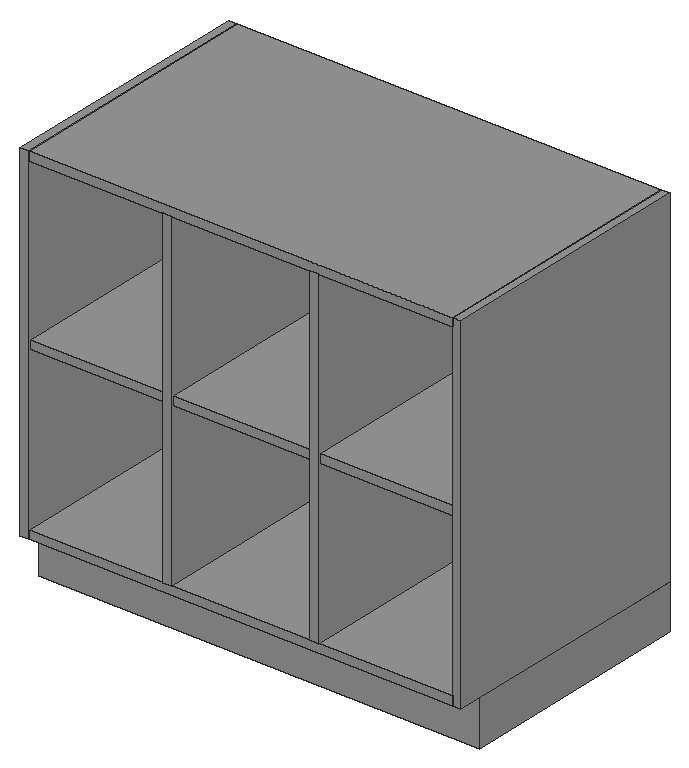
Revit family "TMI - B1170 - Base_Open Compartments1", category Casework, Revit 2016
Family settings
  OmniClass Number = 23.40.35.14.11
  OmniClass Title = Modular Casework
  Work Plane-Based = No
  Always vertical = Yes
  Cut with Voids When Loaded = No
  Shared = No
  Room Calculation Point = No
Parameters (values of type "39" x 36" x 23"")
  URL = "www.tmisystems.com"
  Two Verticals [instance] = Amount of Verticals = 2  # yes
  Two Shelves [instance] = Shelf Quantity = 2  # no
  Toe Kick Height = 4"
  Toe Kick Depth = 2"
  Three Verticals [instance] = Amount of Verticals = 3  # no
  Three Shelves [instance] = Shelf Quantity = 3  # no
  Shelf Thickness = 3/4"
  Shelf Quantity [instance] = 1
  One Vertical [instance] = Amount of Verticals = 1  # no
  One Shelf [instance] = Shelf Quantity = 1  # yes
  Model = "B1170"
  Manufacturer = "TMI Systems Corporation"
  Interior Finish = none
  Filler Width (Left) [instance] = 3"
  Filler Right [instance] = no
  Filler Left [instance] = no
  Filler Width (Right) [instance] = 3"
  Description = "Base, Open Compartments"
  Depth = 23"
  Height = Countertop Height - Countertop Thickness  # 34 3/4"
  Width = 39"
  Countertop Thickness = 1 1/4"
  Countertop Height = 36"
  Casework Thickness = 3/4"
  Casework Back Thickness = 1/4"
  Cabinet Finish = Plastic Laminate
  Assembly Code = ""
  Amount of Verticals [instance] = 2
Types (7): name | Width
  30" x 36" x 23" | 30"
  33" x 36" x 23" | 33"
  36" x 36" x 23" | 36"
  39" x 36" x 23" | 39"
  42" x 36" x 23" | 42"
  45" x 36" x 23" | 45"
  48" x 36" x 23" | 48"
Reference planes (in)
  plane 1 "Back": y = -1
  plane 2: z = 0
  plane 3 "Center (Left/Right)": x = 0.7377
  plane 4 "Left": x = -18.7623
  plane 5 "Right": x = 20.2377
  plane 6 "Front": y = -24
  plane 7 "Top": z = 34.75
  plane 8: y = -2
  plane 9: x = -18.0123
  plane 10: x = 19.4877
  plane 11: z = 34
  plane 12: x = -21.7623
  plane 13: x = 23.2377
  plane 14: y = -1.75
  plane 15: y = -22
  plane 16: z = 4
  plane 17: z = 4.75
  plane 18: z = 8.75
  plane 19: z = 30
  plane 20: x = -9.0123
  plane 21: x = 10.4877
  plane 22: x = -9.3873
  plane 23: x = 10.1127
  plane 24: x = -8.6373
  plane 25: x = 10.8627
  plane 26: x = 0.3627
  plane 27: x = 1.1127
  plane 28: z = 19
  plane 29: z = 27.25
  plane 30: z = 11.5
  plane 31: z = 12.25
  plane 32: z = 19.75
  plane 33: z = 26.5
  plane 34: z = 24.75
  plane 35: z = 14.75
  plane 36: z = 14
  plane 37: z = 24
  plane 38: x = -5.3873
  plane 39: x = -6.1373
  plane 40: x = 6.8627
  plane 41: x = 7.6127
  plane 42: x = -5.7623
  plane 43: x = 7.2377
  plane 44: y = -23.875
  plane 45: y = -21.25
  plane 46: y = -23.25
Forms (in)
  Extrusion 1, solid, material "Plastic Laminate" <- "Cabinet Finish"
    sketch origin (0, 0.21844, 0) x (1, 0, 0) y (0, 1, 0)
      loop
        line (-18.7623, -1.21844) -> (-18.7623, -24.21844) -> (-18.0123, -24.21844) -> (-18.0123, -1.21844) -> (-18.7623, -1.21844)
      loop
        line (19.4877, -1.21844) -> (19.4877, -24.21844) -> (20.2377, -24.21844) -> (20.2377, -1.21844) -> (19.4877, -1.21844)
    from 4 to 34.75
  Extrusion 2, solid, material "Plastic Laminate" <- "Cabinet Finish"
    sketch origin (0.05747, 11.94613, 0) x (1, 0, 0) y (0, 0, 1)
      loop
        line (-18.06976, 4.75) -> (-18.06976, 4) -> (19.43024, 4) -> (19.43024, 4.75) -> (-18.06976, 4.75)
      loop
        line (-18.06976, 34.75) -> (-18.06976, 34) -> (19.43024, 34) -> (19.43024, 34.75) -> (-18.06976, 34.75)
    from 12.94613 to 35.94613
  Extrusion 3, solid, material "Plastic Laminate" <- "Cabinet Finish"
    sketch origin (0, 0, 0) x (1, 0, 0) y (0, 1, 0)
      loop
        line (-18.0123, -1.75) -> (-18.0123, -2) -> (19.4877, -2) -> (19.4877, -1.75) -> (-18.0123, -1.75)
    from 34.379 to 4.37931
  Extrusion 4, solid, material "Plastic Laminate" <- "Cabinet Finish", visible <- "Filler Right"
    sketch origin (0, -24, 0) x (1, 0, 0) y (0, 0, 1)
      loop
        line (20.2377, 34.75) -> (20.2377, 4) -> (23.2377, 4) -> (23.2377, 34.75) -> (20.2377, 34.75)
    from -0.75 to 0
  Extrusion 5, solid, material "Plastic Laminate" <- "Cabinet Finish", visible <- "Filler Left"
    sketch origin (0, -24, 0) x (1, 0, 0) y (0, 0, 1)
      loop
        line (-21.7623, 34.75) -> (-21.7623, 4) -> (-18.7623, 4) -> (-18.7623, 34.75) -> (-21.7623, 34.75)
    from -0.75 to 0
  Extrusion 6, solid, material "Wood"
    sketch origin (-18.7623, 0, 0) x (0, -1, 0) y (0, 0, 1)
      loop
        line (1, 34) -> (1, 30) -> (1.75, 30) -> (1.75, 34) -> (1, 34)
      loop
        line (1, 8.75) -> (1, 4.75) -> (1.75, 4.75) -> (1.75, 8.75) -> (1, 8.75)
    from -38.25 to -0.75
  Extrusion 7, solid, material "Wood"
    sketch origin (0, 0, 0) x (1, 0, 0) y (0, 0, 1)
      loop
        line (20.2377, 4) -> (-18.7623, 4) -> (-18.7623, 0) -> (20.2377, 0) -> (20.2377, 4)
    from 1 to 22
  Extrusion 8, solid, material "Wood", visible <- "Filler Right"
    sketch origin (0, 0, 0) x (1, 0, 0) y (0, 0, 1)
      loop
        line (23.2377, 4) -> (20.2377, 4) -> (20.2377, 0) -> (23.2377, 0) -> (23.2377, 4)
    from 21.25 to 22
  Extrusion 9, solid, material "Wood", visible <- "Filler Left"
    sketch origin (0, 0, 0) x (1, 0, 0) y (0, 0, 1)
      loop
        line (-18.7623, 4) -> (-21.7623, 4) -> (-21.7623, 0) -> (-18.7623, 0) -> (-18.7623, 4)
    from 21.25 to 22
  Extrusion 10, solid, material "Plastic Laminate" <- "Cabinet Finish", visible <- "Three Verticals"
    sketch origin (0, -24, 0) x (1, 0, 0) y (0, 0, 1)
      loop
        line (-9.3873, 34) -> (-9.3873, 4.75) -> (-8.6373, 4.75) -> (-8.6373, 34) -> (-9.3873, 34)
      loop
        line (0.3627, 4.75) -> (1.1127, 4.75) -> (1.1127, 34) -> (0.3627, 34) -> (0.3627, 4.75)
      loop
        line (10.1127, 34) -> (10.1127, 4.75) -> (10.8627, 4.75) -> (10.8627, 34) -> (10.1127, 34)
    from -22 to 0
  Extrusion 11, solid, material "Plastic Laminate" <- "Cabinet Finish", visible <- "Three Shelves"
    sketch origin (0, -24, 0) x (1, 0, 0) y (0, 0, 1)
      loop
        line (-18.0123, 27.25) -> (-18.0123, 26.5) -> (19.4877, 26.5) -> (19.4877, 27.25) -> (-18.0123, 27.25)
      loop
        line (-18.0123, 19.75) -> (-18.0123, 19) -> (19.4877, 19) -> (19.4877, 19.75) -> (-18.0123, 19.75)
      loop
        line (-18.0123, 12.25) -> (-18.0123, 11.5) -> (19.4877, 11.5) -> (19.4877, 12.25) -> (-18.0123, 12.25)
    from -22 to -0.125
  Extrusion 12, solid, material "Plastic Laminate" <- "Cabinet Finish", visible <- "Two Shelves"
    sketch origin (0, -24, 0) x (1, 0, 0) y (0, 0, 1)
      loop
        line (-18.0123, 24.75) -> (-18.0123, 24) -> (19.4877, 24) -> (19.4877, 24.75) -> (-18.0123, 24.75)
      loop
        line (-18.0123, 14.75) -> (-18.0123, 14) -> (19.4877, 14) -> (19.4877, 14.75) -> (-18.0123, 14.75)
    from -22 to -0.125
  Extrusion 13, solid, material "Plastic Laminate" <- "Cabinet Finish", visible <- "One Shelf"
    sketch origin (0, -24, 0) x (1, 0, 0) y (0, 0, 1)
      loop
        line (-18.0123, 19.75) -> (-18.0123, 19) -> (19.4877, 19) -> (19.4877, 19.75) -> (-18.0123, 19.75)
    from -22 to -0.125
  Extrusion 14, solid, material "Plastic Laminate" <- "Cabinet Finish", visible <- "One Vertical"
    sketch origin (0, -1, 0) x (1, 0, 0) y (0, 0, 1)
      loop
        line (0.3627, 34) -> (0.3627, 4.75) -> (1.1127, 4.75) -> (1.1127, 34) -> (0.3627, 34)
    from 1 to 23
  Extrusion 15, solid, material "Plastic Laminate" <- "Cabinet Finish", visible <- "Two Verticals"
    sketch origin (0, -24, 0) x (1, 0, 0) y (0, 0, 1)
      loop
        line (-6.1373, 4.75) -> (-5.3873, 4.75) -> (-5.3873, 34) -> (-6.1373, 34) -> (-6.1373, 4.75)
      loop
        line (6.8627, 34) -> (6.8627, 4.75) -> (7.6127, 4.75) -> (7.6127, 34) -> (6.8627, 34)
    from -22 to 0
Lines and regions (in)
  Masking region 1
    outline origin (0, 0, 0) x (1, 0, 0) y (0, 1, 0)
      loop
        line (-18.7623, -1) -> (-18.7623, -24) -> (20.2377, -24) -> (20.2377, -1) -> (-18.7623, -1)
  Masking region 2, visible <- "Filler Left"
    outline origin (0, 0, 0) x (1, 0, 0) y (0, 1, 0)
      loop
        line (-21.7623, -21.25) -> (-21.7623, -24) -> (-18.7623, -24) -> (-18.7623, -21.25) -> (-21.7623, -21.25)
  Masking region 3, visible <- "Filler Right"
    outline origin (0, 0, 0) x (1, 0, 0) y (0, 1, 0)
      loop
        line (20.2377, -21.25) -> (20.2377, -24) -> (23.2377, -24) -> (23.2377, -21.25) -> (20.2377, -21.25)
  symbolic lines, style "CaseworkHiddenLines"
    curve 1: line (0.8002, -24, 0) -> (0.6752, -24, 0)
    curve 13: line (0.6752, -24, 4) -> (0.8002, -24, 4)
  symbolic lines, style "CaseworkHiddenLines", visible <- "Three Shelves"
    curve 2: line (-18.7623, -2, 12.25) -> (-18.7623, -23.875, 12.25)
    curve 3: line (-18.7623, -23.875, 11.5) -> (-18.7623, -2, 11.5)
    curve 4: line (-18.7623, -2.49447, 19.75) -> (-18.7623, -23.875, 19.75)
    curve 5: line (-18.7623, -2, 27.25) -> (-18.7623, -23.875, 27.25)
    curve 6: line (-18.7623, -23.875, 26.5) -> (-18.7623, -2, 26.5)
    curve 24: line (-18.7623, -2, 27.25) -> (-18.7623, -23.875, 27.25)
    curve 25: line (-18.7623, -23.875, 27.25) -> (-18.7623, -23.875, 26.5)
    curve 26: line (-18.7623, -23.875, 26.5) -> (-18.7623, -2, 26.5)
    curve 33: line (-18.7623, -2, 12.25) -> (-18.7623, -23.875, 12.25)
    curve 34: line (-18.7623, -23.875, 12.25) -> (-18.7623, -23.875, 11.5)
    curve 35: line (-18.7623, -23.875, 11.5) -> (-18.7623, -2, 11.5)
    curve 39: line (-18.7623, -2, 19.75) -> (-18.7623, -23.875, 19.75)
    curve 40: line (-18.7623, -23.875, 19.75) -> (-18.7623, -23.875, 19)
    curve 41: line (-18.7623, -23.875, 19) -> (-18.7623, -2, 19)
  symbolic lines, style "CaseworkHiddenLines", visible <- "Two Shelves"
    curve 7: line (-18.7623, -2, 14.75) -> (-18.7623, -23.875, 14.75)
    curve 8: line (-18.7623, -23.875, 14) -> (-18.7623, -2, 14)
    curve 9: line (-18.7623, -2, 24.75) -> (-18.7623, -23.875, 24.75)
    curve 10: line (-18.7623, -23.875, 24) -> (-18.7623, -2, 24)
    curve 27: line (-18.7623, -2, 24.75) -> (-18.7623, -23.875, 24.75)
    curve 28: line (-18.7623, -23.875, 24.75) -> (-18.7623, -23.875, 24)
    curve 29: line (-18.7623, -23.875, 24) -> (-18.7623, -2, 24)
    curve 30: line (-18.7623, -2, 14.75) -> (-18.7623, -23.875, 14.75)
    curve 31: line (-18.7623, -23.875, 14.75) -> (-18.7623, -23.875, 14)
    curve 32: line (-18.7623, -23.875, 14) -> (-18.7623, -2, 14)
  symbolic lines, style "CaseworkHiddenLines", visible <- "One Shelf"
    curve 11: line (-18.7623, -2, 19.75) -> (-18.7623, -23.875, 19.75)
    curve 12: line (-18.7623, -23.875, 19) -> (-18.7623, -2, 19)
    curve 36: line (-18.7623, -2, 19.75) -> (-18.7623, -23.875, 19.75)
    curve 37: line (-18.7623, -23.875, 19.75) -> (-18.7623, -23.875, 19)
    curve 38: line (-18.7623, -23.875, 19) -> (-18.7623, -2, 19)
  symbolic lines
    curve 14: line (-18.7623, -1, 34.75) -> (-18.7623, -24, 34.75)
    curve 15: line (-18.7623, -1, 34) -> (-18.7623, -1, 34.75)
    curve 16: line (-18.7623, -24, 34) -> (-18.7623, -2, 34)
    curve 17: line (-18.7623, -24, 34.75) -> (-18.7623, -24, 34)
    curve 18: line (-18.7623, -1, 4.75) -> (-18.7623, -1.75, 4.75)
    curve 19: line (-18.7623, -1, 4) -> (-18.7623, -1, 4.75)
    curve 20: line (-18.7623, -24, 4) -> (-18.7623, -1, 4)
    curve 21: line (-18.7623, -24, 4.75) -> (-18.7623, -24, 4)
    curve 22: line (-18.7623, -1.75, 34) -> (-18.7623, -1, 34)
    curve 23: line (-18.7623, -2, 4.75) -> (-18.7623, -24, 4.75)
Dimensions and locks (in)
  "Width": plane 4 "Left" to plane 5 "Right"
  equal spacing: plane 4 "Left", plane 3 "Center (Left/Right)", plane 5 "Right"  (x2)
  "Casework Thickness": plane 4 "Left" to plane 9
  "Casework Thickness": plane 10 to plane 5 "Right"
  "Casework Thickness": plane 7 "Top" to plane 11
  "Filler Width (Right)": plane 5 "Right" to plane 13
  "Filler Width (Left)": plane 12 to plane 4 "Left"
  "Shelf Thickness": curve 2 to curve 3
  "Shelf Thickness": curve 5 to curve 6
  "Shelf Thickness": curve 7 to curve 8
  "Shelf Thickness": curve 9 to curve 10
  "Shelf Thickness": curve 11 to curve 12
  "Depth": plane 6 "Front" to plane 1 "Back"
  "Casework Back Thickness": plane 14 to plane 8
  locked: plane 14 to plane 1 "Back" at 0.75
  "Toe Kick Height": plane 16 to level
  "Casework Thickness": plane 17 to plane 16
  "Height": plane 7 "Top" to level
  locked: plane 19 to plane 11 at 4
  locked: plane 17 to plane 18 at 4
  equal spacing: plane 17, curve 11, plane 7 "Top"
  equal spacing: plane 17, curve 7, curve 9, plane 7 "Top"
  equal spacing: plane 17, curve 2, curve 4, curve 5, plane 7 "Top"
  locked: plane 11 to Extrusion 3 at 0.379
  locked: plane 17 to Extrusion 3 at 0.37069
  "Toe Kick Depth": plane 6 "Front" to plane 15
  equal spacing: plane 23, plane 21, plane 25
  equal spacing: plane 24, plane 20, plane 22
  "Casework Thickness": plane 23 to plane 25
  "Casework Thickness": plane 24 to plane 22
  equal spacing: plane 27, plane 3 "Center (Left/Right)", plane 26
  "Casework Thickness": plane 27 to plane 26
  equal spacing: plane 7 "Top", plane 29, plane 32, plane 31, plane 17
  "Shelf Thickness": plane 29 to plane 33
  "Shelf Thickness": plane 32 to plane 28
  "Shelf Thickness": plane 31 to plane 30
  "Shelf Thickness": plane 34 to plane 37
  "Shelf Thickness": plane 35 to plane 36
  equal spacing: plane 7 "Top", plane 34, plane 35, plane 17
  equal spacing: plane 38, plane 42, plane 39
  "Casework Thickness": plane 38 to plane 39
  equal spacing: plane 41, plane 43, plane 40
  "Casework Thickness": plane 41 to plane 40
  equal spacing: plane 4 "Left", plane 42, plane 43, plane 5 "Right"
  equal spacing: plane 4 "Left", plane 20, plane 3 "Center (Left/Right)"
  equal spacing: plane 3 "Center (Left/Right)", plane 21, plane 5 "Right"
  locked: plane 44 to plane 6 "Front" at 0.125
  locked: plane 6 "Front" to plane 46 at 0.75
  locked: plane 45 to plane 15 at 0.75
  aligned and locked: plane 2 to level
  aligned and locked: Extrusion 1 sketch curve to plane 4 "Left"
  aligned and locked: Extrusion 1 sketch curve to plane 9
  aligned and locked: Extrusion 1 sketch curve to plane 10
  aligned and locked: plane 5 "Right" to Extrusion 1 sketch curve
  aligned and locked: plane 7 "Top" to Extrusion 2 sketch curve
  aligned and locked: Extrusion 2 sketch curve to plane 11
  aligned and locked: Extrusion 1 to plane 1 "Back"  (x2)
  aligned and locked: plane 10 to Extrusion 3 sketch curve
  aligned and locked: plane 9 to Extrusion 3 sketch curve
  aligned and locked: plane 8 to Extrusion 3 sketch curve
  aligned and locked: plane 7 "Top" to Extrusion 4 sketch curve
  aligned and locked: Extrusion 4 sketch curve to plane 13
  aligned and locked: Extrusion 4 sketch curve to plane 5 "Right"
  aligned and locked: plane 7 "Top" to Extrusion 5 sketch curve
  aligned and locked: plane 12 to Extrusion 5 sketch curve
  aligned and locked: plane 14 to Extrusion 3
  aligned and locked: plane 8 to curve 8
  aligned and locked: plane 8 to curve 7
  aligned and locked: plane 8 to curve 3
  aligned and locked: plane 8 to curve 2
  aligned and locked: plane 8 to curve 9
  aligned and locked: plane 8 to curve 10
  aligned and locked: plane 14 to Extrusion 6 sketch curve  (x2)
  aligned and locked: plane 1 "Back" to Extrusion 6 sketch curve  (x2)
  aligned and locked: plane 11 to Extrusion 6 sketch curve
  aligned and locked: Extrusion 6 to plane 9
  aligned and locked: Extrusion 6 to plane 10
  aligned and locked: Extrusion 8 to Extrusion 7
  aligned and locked: Extrusion 9 to Extrusion 7
  aligned and locked: plane 16 to Extrusion 9
  aligned and locked: plane 16 to Extrusion 7
  aligned and locked: plane 16 to Extrusion 8
  aligned and locked: Extrusion 4 to plane 16
  aligned and locked: Extrusion 5 to plane 16
  aligned and locked: Extrusion 1 to plane 16
  aligned and locked: Extrusion 2 to plane 16
  aligned and locked: plane 17 to Extrusion 2
  aligned and locked: plane 19 to Extrusion 6
  aligned and locked: Extrusion 1 to Extrusion 2
  aligned and locked: Extrusion 7 to Extrusion 1
  aligned and locked: Extrusion 6 to plane 18
  aligned and locked: Extrusion 6 to plane 17
  aligned and locked: Masking region 1 sketch curve to plane 4 "Left"
  aligned and locked: plane 1 "Back" to Masking region 1 sketch curve
  aligned and locked: Masking region 1 sketch curve to plane 6 "Front"
  aligned and locked: plane 5 "Right" to Masking region 1 sketch curve
  aligned and locked: Extrusion 1 to plane 7 "Top"
  aligned and locked: plane 1 "Back" to curve 19
  aligned and locked: curve 18 to plane 17
  aligned and locked: plane 16 to curve 20
  aligned and locked: plane 1 "Back" to curve 15
  aligned and locked: curve 16 to plane 11
  aligned and locked: plane 7 "Top" to curve 14
  aligned and locked: curve 22 to Extrusion 3
  aligned and locked: curve 23 to plane 17
  aligned and locked: Extrusion 8 to plane 15
  aligned and locked: plane 11 to Extrusion 10 sketch curve  (x2)
  aligned and locked: plane 22 to Extrusion 10 sketch curve
  aligned and locked: plane 24 to Extrusion 10 sketch curve
  aligned and locked: plane 17 to Extrusion 10 sketch curve  (x2)
  aligned and locked: Extrusion 10 sketch curve to plane 17
  aligned and locked: Extrusion 10 sketch curve to plane 27
  aligned and locked: Extrusion 10 sketch curve to plane 26
  aligned and locked: Extrusion 10 sketch curve to plane 23
  aligned and locked: Extrusion 10 sketch curve to plane 25
  aligned and locked: Extrusion 10 sketch curve to plane 11
  aligned and locked: plane 8 to Extrusion 10
  aligned and locked: plane 33 to Extrusion 11 sketch curve
  aligned and locked: Extrusion 11 sketch curve to plane 29
  aligned and locked: Extrusion 11 sketch curve to plane 31
  aligned and locked: Extrusion 11 sketch curve to plane 30
  aligned and locked: plane 28 to Extrusion 11 sketch curve
  aligned and locked: plane 32 to Extrusion 11 sketch curve
  aligned and locked: plane 9 to Extrusion 11 sketch curve
  aligned and locked: plane 10 to Extrusion 11 sketch curve  (x3)
  aligned and locked: plane 8 to Extrusion 11
  aligned and locked: Extrusion 12 sketch curve to plane 34
  aligned and locked: plane 37 to Extrusion 12 sketch curve
  aligned and locked: plane 36 to Extrusion 12 sketch curve
  aligned and locked: Extrusion 12 sketch curve to plane 35
  aligned and locked: plane 10 to Extrusion 12 sketch curve  (x2)
  aligned and locked: plane 8 to Extrusion 12
  aligned and locked: Extrusion 1 to Extrusion 11 sketch curve
  aligned and locked: Extrusion 11 sketch curve to plane 9
  aligned and locked: plane 9 to Extrusion 12 sketch curve  (x2)
  aligned and locked: plane 32 to Extrusion 13 sketch curve
  aligned and locked: plane 28 to Extrusion 13 sketch curve
  aligned and locked: plane 10 to Extrusion 13 sketch curve
  aligned and locked: plane 9 to Extrusion 13 sketch curve
  aligned and locked: plane 8 to Extrusion 13
  aligned and locked: plane 11 to Extrusion 14 sketch curve
  aligned and locked: plane 27 to Extrusion 14 sketch curve
  aligned and locked: plane 26 to Extrusion 14 sketch curve
  aligned and locked: plane 17 to Extrusion 14 sketch curve
  aligned and locked: plane 8 to Extrusion 14
  aligned and locked: Extrusion 15 sketch curve to plane 11
  aligned and locked: plane 11 to Extrusion 15 sketch curve
  aligned and locked: plane 40 to Extrusion 15 sketch curve
  aligned and locked: plane 41 to Extrusion 15 sketch curve
  aligned and locked: plane 38 to Extrusion 15 sketch curve
  aligned and locked: plane 39 to Extrusion 15 sketch curve
  aligned and locked: Extrusion 15 sketch curve to plane 17
  aligned and locked: plane 17 to Extrusion 15 sketch curve
  aligned and locked: plane 8 to Extrusion 15
  aligned and locked: plane 4 "Left" to Masking region 2 sketch curve
  aligned and locked: plane 12 to Masking region 2 sketch curve
  aligned and locked: Masking region 3 sketch curve to plane 5 "Right"
  aligned and locked: Masking region 3 sketch curve to plane 13
  aligned and locked: plane 6 "Front" to Extrusion 2
  aligned and locked: plane 6 "Front" to Extrusion 4
  aligned and locked: plane 6 "Front" to Extrusion 1  (x2)
  aligned and locked: plane 6 "Front" to Extrusion 5
  aligned and locked: plane 6 "Front" to Extrusion 10
  aligned and locked: plane 6 "Front" to Extrusion 15
  aligned and locked: plane 6 "Front" to Extrusion 14
  aligned and locked: curve 21 to plane 6 "Front"
  aligned and locked: curve 17 to plane 6 "Front"
  aligned and locked: plane 8 to curve 24
  aligned and locked: plane 8 to curve 26
  aligned and locked: plane 8 to curve 27
  aligned and locked: plane 8 to curve 29
  aligned and locked: plane 8 to curve 39
  aligned and locked: plane 8 to curve 41
  aligned and locked: plane 8 to curve 30
  aligned and locked: plane 8 to curve 32
  aligned and locked: plane 8 to curve 33
  aligned and locked: plane 8 to curve 35
  aligned and locked: curve 33 to plane 31
  aligned and locked: curve 30 to plane 35
  aligned and locked: plane 32 to curve 39
  aligned and locked: curve 27 to plane 34
  aligned and locked: curve 24 to plane 29
  aligned and locked: plane 8 to curve 36
  aligned and locked: plane 8 to curve 38
  aligned and locked: plane 32 to curve 36
  aligned and locked: plane 44 to Extrusion 11
  aligned and locked: curve 25 to plane 44
  aligned and locked: plane 44 to Extrusion 12
  aligned and locked: curve 28 to plane 44
  aligned and locked: curve 31 to plane 44
  aligned and locked: curve 34 to plane 44
  aligned and locked: curve 37 to plane 44
  aligned and locked: plane 44 to Extrusion 13
  aligned and locked: plane 44 to curve 12
  aligned and locked: plane 45 to Masking region 3
  aligned and locked: plane 45 to Extrusion 8
  aligned and locked: Extrusion 4 to plane 46
  aligned and locked: plane 45 to Masking region 2
  aligned and locked: plane 45 to Extrusion 9
  aligned and locked: Extrusion 5 to plane 46
Automatic sketch dimensions
  curve 1 to level = 0"
  curve 13 to plane 16 = 0"
  curve 1 to plane 3 "Center (Left/Right)" = 1/16"
  curve 13 to plane 3 "Center (Left/Right)" = 1/16"
  plane 3 "Center (Left/Right)" to curve 13 = 1/16"
  plane 3 "Center (Left/Right)" to curve 1 = 1/16"
  plane 6 "Front" to Extrusion 1 sketch curve = 0"  (x2)
  plane 1 "Back" to Extrusion 1 sketch curve = 0"  (x2)
  Extrusion 2 sketch curve to plane 9 = 0"  (x2)
  plane 10 to Extrusion 2 sketch curve = 0"  (x2)
  Extrusion 2 sketch curve to plane 16 = 0"
  Extrusion 2 sketch curve to plane 17 = 0"
  Extrusion 3 sketch curve to plane 14 = 0"
  Extrusion 4 sketch curve to plane 16 = 0"
  plane 4 "Left" to Extrusion 5 sketch curve = 0"
  Extrusion 5 sketch curve to plane 16 = 0"
  Extrusion 6 sketch curve to plane 17 = 0"
  plane 18 to Extrusion 6 sketch curve = 0"
  plane 19 to Extrusion 6 sketch curve = 0"
  plane 4 "Left" to Extrusion 7 sketch curve = 0"
  Extrusion 7 sketch curve to level = 0"
  plane 5 "Right" to Extrusion 7 sketch curve = 0"
  Extrusion 7 sketch curve to plane 16 = 0"
  plane 5 "Right" to Extrusion 8 sketch curve = 0"
  Extrusion 8 sketch curve to level = 0"
  Extrusion 8 sketch curve to plane 13 = 0"
  Extrusion 8 sketch curve to plane 16 = 0"
  Extrusion 9 sketch curve to plane 12 = 0"
  Extrusion 9 sketch curve to level = 0"
  plane 4 "Left" to Extrusion 9 sketch curve = 0"
  Extrusion 9 sketch curve to plane 16 = 0"
  plane 6 "Front" to Masking region 2 sketch curve = 0"
  plane 6 "Front" to Masking region 3 sketch curve = 0"
  curve 18 to plane 14 = 0"
  curve 6 to plane 8 = 0"
  curve 11 to plane 8 = 0"
  curve 23 to plane 8 = 0"
  curve 5 to plane 8 = 0"
  curve 16 to plane 8 = 0"
  plane 11 to curve 15 = 0"
  curve 36 to curve 4 = 0.49447"
  curve 12 to plane 8 = 0"
  plane 1 "Back" to Masking region 2 sketch curve = 20 1/4"
  plane 1 "Back" to Masking region 3 sketch curve = 20 1/4"
